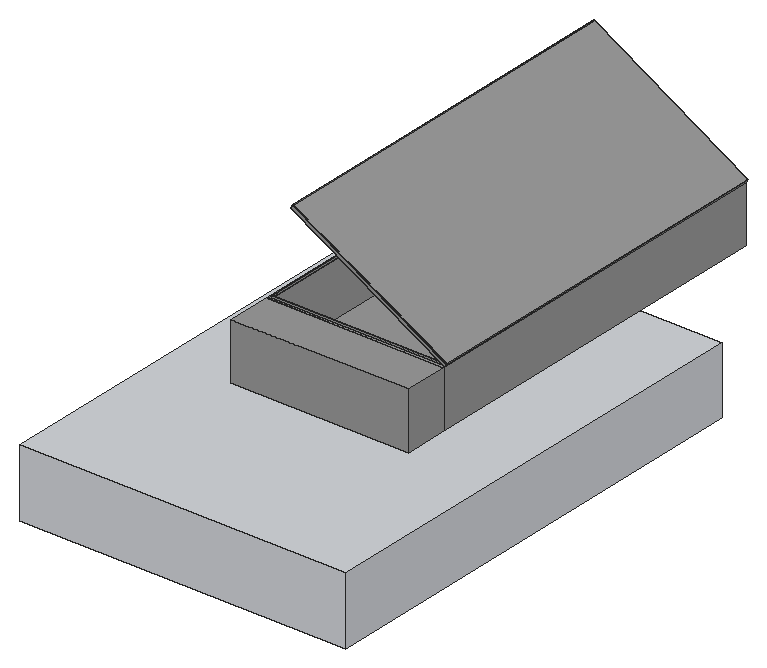
Revit family "Hager-Univers-IP55-D275-H1900-Cl.I-Steel_encl-AT-de", category Equipement électrique, Revit 2020
Family settings
  Hôte = Face
  Configuration du panneau = Deux colonnes, circuits au sein
  Cote de connecteur circulaire = Utiliser le diamètre
  Type d'élément = Tableau de raccordement
  Couper avec des vides une fois chargée = Non
  Partagée = Non
  Point de calcul de pièce = Non
Parameters (values of type "Bodenaufstellung IP55 B800 H1900 T275  - FR13E2")
  Width Control [instance] = if([EF000008 - Breite] > Min Width, [EF000008 - Breite], Min Width)  # 800 mm
  Commentaires du type = [HG000003 - Bereich]  # "Univers"
  Thickness Door [instance] = if([EF009171 - Materialstärke Tür/Deckel] > 3 mm, 3 mm, [EF009171 - Materialstärke Tür/Deckel])  # 1.5 mm
  Seal Frame Offset [instance] = 17 mm  # constant formula
  Plinth Visibility [instance] = [HG000027 - Sockelhöhe] > 0 mm  # yes
  Model = ""
  Min Width [instance] = 100 mm  # constant formula
  Min Height [instance] = 100 mm  # constant formula
  Min Depth [instance] = (2 * [EF009170 - Materialstärke Gehäuse]) + 1 mm  # 4 mm
  Internal Frame Depth [instance] = (Door System Depth * 0.5)  # 9 mm
  Height Control [instance] = if([EF000040 - Höhe] > Min Height, [EF000040 - Höhe], Min Height)  # 1900 mm
  HG000027 - Sockelhöhe = 200 mm
  HG000026 - Stehend auf dem Boden = yes
  HG000024 - Höhe des unteren Teils = 800 mm
  HG000023 - Gehäuse mit doppeltem Querschnitt = no
  HG000016 - 3D-Türsichtbarkeit [instance] = yes
  HG000015 - Sichtbarkeit der Türöffnung [instance] = no
  HG000014 - Tür rechts [instance] = yes
  HG000013 - Tür links [instance] = not([HG000014 - Tür rechts])  # no
  HG000012 - Türschwenkwinkel [instance] = 30.00°
  HG000010 - Asymmetrische Türen = no
  HG000009 - Doppelflügeligen Tür = no
  HG000006 - Unterputz = no
  HG000004 - Herstellerreferenz = "FR13E2"
  HG000003 - Bereich = "Univers"
  HG000002 - Mit tür = yes
  Frame Offset Bottom [instance] = 10 mm  # constant formula
  Frame Offset [instance] = 15 mm  # constant formula
  EF015940 - Deckel mit Überdruckentlastung = no
  EF011959 - Schutzart (NEMA) = ""
  EF009554 - Anzahl der Öffnungen für Flanschplatten = 6
  Fabricant = "Hager"  # constant formula
  EF009212 - Ausführung Deckel = "EV000116 - geschlossen"
  EF009171 - Materialstärke Tür/Deckel = 1.5 mm
  EF009170 - Materialstärke Gehäuse = 1.5 mm
  EF008873 - Nennstrom (In) = 800 A
  EF007800 - Geeignet für Blitzschutz = no
  EF006306 - Mit Schloss = no
  EF006244 - Transparenter Deckel/Tür = no
  EF005474 - Schutzart (IP) = "EV006420 - IP55"
  EF004464 - Art der Tür = "EV002646 - Einzel"
  EF004427 - Anzahl der Module = 396
  EF004293 - Schlagfestigkeit = "EV008784 - IK10"
  EF003532 - Geeignet für Außengebrauch = no
  EF002950 - Breite in Teilungseinheiten = 24
  EF001613 - Funktionserhalt = "EV000494 - ohne"
  EF001596 - Werkstoff des Gehäuses = "EV000179 - Stahl"
  EF001131 - Innentiefe = 275 mm
  EF001088 - Anbaumöglichkeit = yes
  EF000437 - Anzahl der Leitungseinführungen = 6
  EF000339 - Art der Abdeckung = "EV004216 - Tür"
  EF000266 - Anzahl der Reihen = 11
  EF000218 - Einbautiefe = 0 mm
  EF000118 - Mit Montageplatte = no
  EF000116 - RAL-Nummer = "7035"
  EF000049 - Tiefe = 275 mm
  EF000040 - Höhe = 1900 mm
  EF000008 - Breite = 800 mm
  EF000007 - Farbe = "EV000270 - grau"
  EF000003 - Montageart = "EV012274 - Bodenaufstellung"
  Door System Leaf Tolerance [instance] = 1.5 mm  # constant formula
  Door System Depth [instance] = 18 mm  # constant formula
  Door Height [instance] = Height Control - [HG000027 - Sockelhöhe]  # 1700 mm
  Depth Control [instance] = if([EF000049 - Tiefe] > Min Depth, [EF000049 - Tiefe], Min Depth)  # 275 mm
  Default Elevation = 0 mm
  Connector Offset [instance] = Height Control / 2  # 950 mm
  Bottom Top Plate Trim [instance] = 1.5 mm  # constant formula
  Plinth height Ctrl [instance] = if([HG000027 - Sockelhöhe] > 0 mm, [HG000027 - Sockelhöhe], 12 mm)  # 200 mm
Types (5, lengths in mm): name | Width Control | HG000010 - Asymmetrische Türen | HG000009 - Doppelflügeligen Tür | HG000004 - Herstellerreferenz | EF009554 - Anzahl der Öffnungen für Flanschplatten | EF004464 - Art der Tür | EF004427 - Anzahl der Module | EF000437 - Anzahl der Leitungseinführungen | EF000008 - Breite
  Bodenaufstellung IP55 B1050 H1900 T275  - FR14E2 | 1050 | yes | yes | "FR14E2" | 8 | "EV003602 - Doppel" | 528 | 8 | 1050
  Bodenaufstellung IP55 B1300 H1900 T275  - FR15E2 | 1300 | yes | yes | "FR15E2" | 10 | "EV003602 - Doppel" | 660 | 10 | 1300
  Bodenaufstellung IP55 B300 H1900 T275  - FR11E2 | 300 | no | no | "FR11E2" | 2 | "EV002646 - Einzel" | 132 | 2 | 300
  Bodenaufstellung IP55 B550 H1900 T275  - FR12E2 | 550 | no | no | "FR12E2" | 4 | "EV002646 - Einzel" | 264 | 4 | 550
  Bodenaufstellung IP55 B800 H1900 T275  - FR13E2 | 800 | no | no | "FR13E2" | 6 | "EV002646 - Einzel" | 396 | 6 | 800
Reference planes
  plane 1 "Center (Front/Back)": y = 0
  plane 2: z = 0
  plane 3 "Center (Left/Right)": x = 0
  plane 4: z = 275
  plane 5: y = 201.5
  plane 6: y = 1050
  plane 7: y = 200
  plane 8: y = 1900
  plane 9: z = 0
  plane 10: x = -385
  plane 11: x = 385
  plane 12: x = 383.5
  plane 13: x = -383.5
  plane 14: y = 1898.5
  plane 15: x = -383
  plane 16: x = -400
  plane 17: x = 383
  plane 18: x = 400
  plane 19: x = 398.5
  plane 20: x = -398.5
  plane 21: y = 211.5
  plane 22: y = 1900
  plane 23: y = 1883.5
  plane 24: z = 257
  plane 25: z = 1.5
  plane 26: z = 255.5
  plane 27: z = 273.5
Forms (mm)
  Extrusion 1, solid
    sketch origin (0, 0, 0) x (1, 0, 0) y (0, 1, 0)
      loop
        line (-702.964, 1305) -> (-702.964, -811.445) -> (766.763, -811.445) -> (766.763, 1305) -> (-702.964, 1305)
    from 0 to -304.8
  Extrusion 2, solid, material "Hager_Steel_RAL7035_Light_Grey", visible <- "Plinth Visibility", detail levels medium+fine
    sketch origin (0, 0, 0) x (1, 0, 0) y (0, 1, 0)
      loop
        line (-400, 0) -> (400, 0) -> (400, 200) -> (-400, 200) -> (-400, 0)
    from 0 to 257
  Extrusion 3, solid, material "Hager_Steel_RAL7035_Light_Grey", detail levels medium+fine
    sketch origin (0, 0, 0) x (1, 0, 0) y (0, 1, 0)
      loop
        line (-400, 200) -> (400, 200) -> (400, 1900) -> (-400, 1900) -> (-400, 200)
    from 0 to 257
  Extrusion 4, void
    sketch origin (0, 0, 0) x (1, 0, 0) y (0, 1, 0)
      loop
        line (-398.5, 201.5) -> (398.5, 201.5) -> (398.5, 1898.5) -> (-398.5, 1898.5) -> (-398.5, 201.5)
    from 1.5 to 255.5
  Extrusion 5, void
    sketch origin (-381.607, -4572, 257) x (0, -1, 0) y (-1, 0, 0)
      loop
        line (-4783.5, 1.893) -> (-6455.5, 1.893) -> (-6455.5, -765.107) -> (-4783.5, -765.107) -> (-4783.5, 1.893)
    from 0 to 1.5 <- "EF009170 - Materialstärke Gehäuse"
  Extrusion 6, solid, material "Hager_Steel_RAL7035_Light_Grey", detail levels fine
    sketch origin (0, 0, 257) x (1, 0, 0) y (0, 1, 0)
      loop
        line (-383.5, 1883.5) -> (-383.5, 211.5) -> (383.5, 211.5) -> (383.5, 1883.5) -> (-383.5, 1883.5)
      loop
        line (-385, 210) -> (385, 210) -> (385, 1885) -> (-385, 1885) -> (-385, 210)
    from 0 to 9 <- "Internal Frame Depth"
  Extrusion 7, solid, material "Hager_Steel_RAL7035_Light_Grey", detail levels coarse
    sketch origin (0, 0, 0) x (1, 0, 0) y (0, 1, 0)
      loop
        line (-400, 0) -> (400, 0) -> (400, 1900) -> (-400, 1900) -> (-400, 0)
    from 0 to 275
  Sweep 8, void
    path in 3D
      loop
        line (-400, 200, 0) -> (400, 200, 0) -> (400, 200, 257) -> (-400, 200, 257) -> (-400, 200, 0)
    profile origin (-400, 200, 128.5) x (-1, 0, 0) y (0, -1, 0)
      loop
        line (0, 0) -> (0, 1.5) -> (-1.5, 1.5)
        arc (-1.5, 1.5) -> (-1.061, 0.439) -> (0, 0) r 1.5
Cuts and joins
  Extrusion 4, Extrusion 5 cuts Extrusion 3
  Sweep 8 cuts Extrusion 2
Lines and regions (mm)
  Masking region 1
    outline origin (0, 0, 0) x (1, 0, 0) y (0, 0, 1)
      loop
        line (-400, 275) -> (-400, 0) -> (400, 0) -> (400, 275) -> (-400, 275)
  Masking region 2, detail levels medium+fine
    outline origin (0, 140, 0) x (0, 1, 0) y (0, 0, 1)
      loop
        line (60, 0) -> (1760, 0) -> (1760, 257) -> (60, 257) -> (60, 0)
  Masking region 3, not visible, detail levels medium+fine
    outline origin (0, 297.922, 0) x (0, 1, 0) y (0, 0, 1)
      loop
        line (763.578, 0) -> (803.578, 0) -> (803.578, 263.5)
        arc (803.578, 263.5) -> (800.649, 270.571) -> (793.578, 273.5) r 10
        line (793.578, 273.5) -> (763.578, 273.5) -> (763.578, 0)
  Masking region 4, detail levels coarse
    outline origin (0, 0, 180) x (0, 1, 0) y (0, 0, 1)
      loop
        line (0, -180) -> (1900, -180) -> (1900, 95) -> (0, 95) -> (0, -180)
  Masking region 5, visible <- "Plinth Visibility", detail levels medium+fine
    outline origin (0, 52.24, 12.345) x (0, 0, -1) y (0, 1, 0)
      loop
        line (10.845, 147.76) -> (-243.155, 147.76)
        arc (-243.155, 147.76) -> (-243.594, 146.699) -> (-244.655, 146.26) r 1.5
        line (-244.655, 146.26) -> (-244.655, -52.24) -> (12.345, -52.24) -> (12.345, 146.26)
        arc (12.345, 146.26) -> (11.285, 146.699) -> (10.845, 147.76) r 1.5
  Masking region 6, detail levels medium+fine
    outline origin (-381.607, -4572, 257) x (-1, 0, 0) y (0, -1, 0)
      loop
        line (18.393, -6472) -> (18.393, -4772) -> (-781.607, -4772) -> (-781.607, -6472) -> (18.393, -6472)
  Masking region 7, visible <- "Plinth Visibility", detail levels medium+fine
    outline origin (-381.607, -4727, 257) x (-1, 0, 0) y (0, -1, 0)
      loop
        arc (16.893, -4927) -> (17.332, -4925.939) -> (18.393, -4925.5) r 1.5
        line (18.393, -4925.5) -> (18.393, -4727) -> (-781.607, -4727) -> (-781.607, -4925.5)
        arc (-781.607, -4925.5) -> (-780.546, -4925.939) -> (-780.107, -4927) r 1.5
        line (-780.107, -4927) -> (16.893, -4927)
  Masking region 8, detail levels coarse
    outline origin (-442.548, -4669.526, 257) x (-1, 0, 0) y (0, -1, 0)
      loop
        line (-42.548, -6569.526) -> (-42.548, -4669.526) -> (-842.548, -4669.526) -> (-842.548, -6569.526) -> (-42.548, -6569.526)
  sketch lines
    curve 1: line (-400, 200, 257) -> (-400, 200, 0)
    curve 2: line (400, 200, 257) -> (-400, 200, 257)
    curve 3: line (400, 200, 257) -> (400, 200, 0)
    curve 4: line (-400, 200, 0) -> (400, 200, 0)
Dimensions and locks
  "Depth Control": plane 4 to Extrusion 1
  "HG000027 - Sockelhöhe": plane 1 "Center (Front/Back)" to plane 7
  "EF009170 - Materialstärke Gehäuse": plane 5 to plane 7
  locked: connector elem to plane 3 "Center (Left/Right)"
  equal spacing: plane 8, plane 6, plane 7
  locked: connector elem to plane 6
  "EF009170 - Materialstärke Gehäuse": plane 8 to plane 14
  "EF009170 - Materialstärke Gehäuse": plane 10 to plane 13
  "EF009170 - Materialstärke Gehäuse": plane 12 to plane 11
  "Frame Offset": plane 20 to plane 13
  "Frame Offset": plane 12 to plane 19
  "EF009170 - Materialstärke Gehäuse": plane 16 to plane 20
  "EF009170 - Materialstärke Gehäuse": plane 19 to plane 18
  "Seal Frame Offset": plane 16 to plane 15
  "Seal Frame Offset": plane 17 to plane 18
  "Frame Offset Bottom": plane 21 to plane 5
  "Frame Offset": plane 14 to plane 23
  equal spacing: plane 16, plane 3 "Center (Left/Right)", plane 18
  "Width Control": plane 16 to plane 18
  "EF009170 - Materialstärke Gehäuse": plane 4 to plane 27
  "EF009170 - Materialstärke Gehäuse": plane 24 to plane 26
  "EF009170 - Materialstärke Gehäuse": plane 25 to level
  "Door System Depth": plane 4 to plane 24
  "Height Control": plane 1 "Center (Front/Back)" to Extrusion 7 sketch curve
  "Height Control": Masking region 4 sketch curve to plane 1 "Center (Front/Back)"
  "Height Control": plane 1 "Center (Front/Back)" to plane 22
  "Bottom Top Plate Trim": profile plane to Sweep 8 sketch curve
  "Bottom Top Plate Trim": Sweep 8 sketch curve to profile plane
  "Plinth height Ctrl": plane 1 "Center (Front/Back)" to Extrusion 2 sketch curve
  "Plinth height Ctrl": Masking region 5 sketch curve to plane 1 "Center (Front/Back)"
  "Plinth height Ctrl": plane 1 "Center (Front/Back)" to Masking region 7 sketch curve
  "Thickness Door": Extrusion 6 sketch curve to Extrusion 6 sketch curve  (x3)
  "Thickness Door": cut or joined group of Extrusion 3, Extrusion 4, Extrusion 5 to Extrusion 6 sketch curve
  radius of Masking region 3 sketch curve = 10 mm
  "Bottom Top Plate Trim": radius of Masking region 5 sketch curve  (x2)
  "Bottom Top Plate Trim": radius of Sweep 8 sketch curve
  "Bottom Top Plate Trim": radius of Masking region 7 sketch curve  (x2)
  aligned and locked: plane 2 to Extrusion 1
  aligned and locked: level to Extrusion 1
  aligned and locked: level to Masking region 1 sketch curve
  aligned and locked: Masking region 1 sketch curve to plane 18
  aligned and locked: Masking region 1 sketch curve to plane 16
  aligned and locked: plane 7 to Masking region 2 sketch curve
  aligned and locked: level to Masking region 3 sketch curve
  aligned and locked: Masking region 3 sketch curve to plane 27
  aligned and locked: level to Masking region 2 sketch curve
  aligned and locked: plane 1 "Center (Front/Back)" to Extrusion 2 sketch curve
  aligned and locked: Extrusion 3 sketch curve to plane 7
  aligned and locked: plane 16 to Extrusion 3 sketch curve
  aligned and locked: plane 18 to Extrusion 3 sketch curve
  aligned and locked: plane 20 to Extrusion 4 sketch curve
  aligned and locked: plane 19 to Extrusion 4 sketch curve
  aligned and locked: Extrusion 4 sketch curve to plane 5
  aligned and locked: Extrusion 4 to plane 25
  aligned and locked: plane 26 to Extrusion 4
  aligned and locked: plane 24 to Extrusion 3
  aligned and locked: Extrusion 5 sketch curve to plane 21
  aligned and locked: Extrusion 5 sketch curve to plane 13
  aligned and locked: Extrusion 5 sketch curve to plane 12
  aligned and locked: plane 18 to Extrusion 7 sketch curve
  aligned and locked: plane 1 "Center (Front/Back)" to Extrusion 7 sketch curve
  aligned and locked: plane 16 to Extrusion 7 sketch curve
  aligned and locked: plane 4 to Extrusion 7
  aligned and locked: Extrusion 7 to level
  aligned and locked: level to Masking region 4 sketch curve
  aligned and locked: Masking region 4 sketch curve to plane 1 "Center (Front/Back)"
  aligned and locked: Masking region 4 sketch curve to plane 4
  aligned and locked: nested 1 to level
  aligned and locked: nested 1 to plane 16
  aligned and locked: plane 8 to Extrusion 3 sketch curve
  aligned and locked: plane 23 to Extrusion 5 sketch curve
  aligned and locked: plane 14 to Extrusion 4 sketch curve
  aligned and locked: Masking region 2 sketch curve to plane 8
  aligned and locked: level to Masking region 5 sketch curve
  aligned and locked: plane 16 to Extrusion 2 sketch curve
  aligned and locked: plane 18 to Extrusion 2 sketch curve
  aligned and locked: Masking region 5 sketch curve to plane 24
  aligned and locked: Masking region 2 sketch curve to plane 24
  aligned and locked: plane 24 to Extrusion 2
  aligned and locked: profile plane to Sweep 8 sketch curve  (x2)
  aligned and locked: Masking region 6 sketch curve to plane 18
  aligned and locked: Masking region 6 sketch curve to plane 22
  aligned and locked: Masking region 6 sketch curve to plane 16
  aligned and locked: plane 8 to plane 22
  aligned and locked: Masking region 6 sketch curve to plane 7
  aligned and locked: Masking region 7 sketch curve to plane 16
  aligned and locked: Masking region 7 sketch curve to plane 1 "Center (Front/Back)"
  aligned and locked: Masking region 7 sketch curve to plane 18
  aligned and locked: Masking region 8 sketch curve to plane 1 "Center (Front/Back)"
  aligned and locked: Masking region 8 sketch curve to plane 18
  aligned and locked: Masking region 8 sketch curve to plane 22
  aligned and locked: Masking region 8 sketch curve to plane 16
  aligned and locked: nested 2 to plane 7
  aligned and locked: plane 3 "Center (Left/Right)" to nested 2
  aligned and locked: nested 2 to plane 24
  aligned and locked: Extrusion 6 sketch curve to cut or joined group of Extrusion 3, Extrusion 4, Extrusion 5  (x4)
Automatic sketch dimensions
  Extrusion 1 sketch curve to Extrusion 1 sketch curve = 1469.727 mm
  Extrusion 1 sketch curve to Extrusion 1 sketch curve = 2116.445 mm
  Masking region 1 sketch curve to plane 4 = 0 mm
  plane 6 to Masking region 3 sketch curve = 11.5 mm
  Masking region 3 sketch curve to Masking region 3 sketch curve = 30 mm
  Masking region 5 sketch curve to plane 1 "Center (Front/Back)" = 0 mm
Nested families
  nested 1: "Hager_Enclosure_Symbol" at (-400, 0, 0) x (1, 0, 0) z (0, -1, 0), Height <- "Depth Control", Width <- "Width Control", type "Hager_Enclosure_Symbol"
    with Width_Ctrl 800 mm, Width 800 mm, Height_Ctrl 275 mm, Height 275 mm, A_Width_Int 18.047 mm, A_Width 216.562 mm, A_Height_Ctrl 240.625 mm, A_Height 240.625 mm
  nested 2: "EC000058_Univers_Door" at (0, 200, 257) x (1, 0, 0) z (0, 1, 0), Leaf_Tolerance <- "Door System Leaf Tolerance", Angle <- "HG000012 - Türschwenkwinkel", Door_Depth <- "Door System Depth", Door_Left <- "HG000013 - Tür links", Transparent <- "EF006244 - Transparenter Deckel/Tür", Assymetrical <- "HG000010 - Asymmetrische Türen", Width <- "Width Control", Clearance <- "HG000015 - Sichtbarkeit der Türöffnung", Double <- "HG000009 - Doppelflügeligen Tür", 3d_Door <- "HG000016 - 3D-Türsichtbarkeit", Lock_Visibility <- "EF006306 - Mit Schloss", Width_Ctrl <- "Width Control", Door_Right <- "HG000014 - Tür rechts", Door <- "HG000002 - Mit tür", Height <- "Door Height", Thickness <- "Thickness Door", type "EC000058_Univers_Door", detail levels medium+fine
    with min_wh 4 mm, Width_Ctrl 800 mm, Width 800 mm, Transparent no, Thickness 1.5 mm, Seal_Material Hager_Rubber, Lock_Visibility no, Lock_Material Hager_Plastic_RAL9005_Jet_Black, Leaf_Width 800 mm, Leaf_Tolerance_External_Sides 0 mm, Leaf_Tolerance 1.5 mm, Leaf_Offset 0 mm, Leaf_Height 1697 mm, Leaf_2_Width 800 mm, Leaf_2_Offset 400 mm, Leaf_1_Width 800 mm, Leaf_1_Offset 400 mm, Height_Ctrl 1700 mm, Height 1700 mm, Glass_Material Hager_Glass, Double_Clearance_Ctrl no, Double no, Door_Right_Ctrl yes, Door_Right yes, Door_Material Hager_Steel_RAL7035_Light_Grey, Door_Left_Ctrl no, Door_Left no, Door_Depth 18 mm, Door yes, Clearance_Material Hager_Clearance, Clearance_Depth 800 mm, Clearance_Ctrl no, Clearance no, Assymetrical no, Angle 30.00°, 3d_Door yes
Connectors
  electrical at (0, 1050, 0)
    settings: on plane 9, index 1, voltage 0 V, apparent load 0 VA, apparent load phase1 0 VA, apparent load phase2 0 VA, apparent load phase3 0 VA, power factor 1, load classification "Other", number of poles 1, system type 30, power factor state 1, is connector primary yes, connector utility no, sub classification motor no, connector description ""
Definition of nested family "EC000058_Univers_Door"
  Parameters (values of type "EC000058_Univers_Door")
    min_wh [instance] = (2 * Thickness) + 1 mm  # 11 mm
    Width_Ctrl [instance] = 400 mm
    Width [instance] = 500 mm
    Transparent [instance] = yes
    Thickness [instance] = 5 mm
    Seal_Material [instance] = none
    Lock_Visibility [instance] = yes
    Lock_Material [instance] = none
    Leaf_Width [instance] = if((Width_Ctrl - 2 * Leaf_Tolerance_External_Sides) > 0 mm, (Width_Ctrl - 2 * Leaf_Tolerance_External_Sides), min_wh)  # 400 mm
    Leaf_Tolerance_External_Sides [instance] = 0 mm  # constant formula
    Leaf_Tolerance [instance] = 1.5 mm
    Leaf_Offset [instance] = 0 mm  # constant formula
    Leaf_Height [instance] = if((Height_Ctrl - 2 * Leaf_Tolerance) > 0 mm, (Height_Ctrl - 2 * Leaf_Tolerance), min_wh)  # 497 mm
    Leaf_2_Width [instance] = if(and(and(Double, Assymetrical), Door_Left), (Leaf_Width / 3) - (Leaf_Tolerance / 2), if(and(and(Double, Assymetrical), Door_Right), (Leaf_Width / 3) * 2 - (Leaf_Tolerance / 2), if(and(Double, not(Assymetrical)), (Leaf_Width / 2) - Leaf_Tolerance, Leaf_Width)))  # 400 mm
    Leaf_2_Offset [instance] = if(and(Double, Assymetrical), Leaf_2_Width / 2, if(and(Double, not(Assymetrical)), Leaf_Width / 4, Leaf_Width / 2))  # 200 mm
    Leaf_1_Width [instance] = if(and(and(Double, Assymetrical), Door_Right), (Leaf_Width / 3) - (Leaf_Tolerance / 2), if(and(and(Double, Assymetrical), Door_Left), (Width / 3) * 2 - (Leaf_Tolerance / 2), if(and(Double, not(Assymetrical)), (Leaf_Width / 2) - Leaf_Tolerance, Leaf_Width)))  # 400 mm
    Leaf_1_Offset [instance] = if(and(Double, Assymetrical), Leaf_1_Width / 2, if(and(Double, not(Assymetrical)), Leaf_Width / 4, Leaf_Width / 2))  # 200 mm
    Height_Ctrl [instance] = if(Height > min_wh, Height, min_wh)  # 500 mm
    Height [instance] = 500 mm
    Glass_Material [instance] = none
    Double_Clearance_Ctrl [instance] = and(Double, Clearance)  # no
    Double [instance] = no
    Door_Right_Ctrl [instance] = and(or(Door_Right, Double), Door)  # yes
    Door_Right [instance] = yes
    Door_Material [instance] = none
    Door_Left_Ctrl [instance] = and(or(Door_Left, Double), Door)  # no
    Door_Left [instance] = no
    Door_Depth [instance] = 30 mm
    Door [instance] = yes
    Default Elevation = 1219.2 mm
    Clearance_Material [instance] = none
    Clearance_Depth [instance] = if(Leaf_1_Width > Leaf_2_Width, Leaf_1_Width, Leaf_2_Width)  # 400 mm
    Clearance_Ctrl [instance] = and(not(Double), Clearance)  # yes
    Clearance [instance] = yes
    Assymetrical [instance] = yes
    Angle [instance] = 30.00°
    3d_Door [instance] = yes
  Reference planes
    plane 1 "Center (Front/Back)": y = 0
    plane 2 "Bottom": z = 0
    plane 3 "Center (Left/Right)": x = 0
    plane 4: z = 500
    plane 5: x = -200
    plane 6: x = 200
    plane 7: z = 500
    plane 8: x = -200
    plane 9: z = 0
    plane 10: x = 200
    plane 11: y = 0
    plane 12: z = 1.5
    plane 13: x = -600
    plane 14: y = -400
    plane 15: x = 600
    plane 16: x = 0
    plane 17: x = 0
    plane 18: x = -200
    plane 19: x = 200
    plane 20: z = 498.5
  Forms (mm)
    Extrusion 1, solid, material <- "Clearance_Material", visible <- "Double_Clearance_Ctrl"
      sketch origin (1200, 0, 0) x (1, 0, 0) y (0, 0, -1)
        loop
          line (-1800, -498.5) -> (-600, -498.5) -> (-600, 0) -> (-1800, 0) -> (-1800, -498.5)
      from 0 to -400
  Dimensions and locks
    equal spacing: plane 5, plane 3 "Center (Left/Right)", plane 6
    "Width_Ctrl": plane 5 to plane 6
    "Leaf_Offset": plane 5 to plane 8
    "Leaf_Offset": plane 6 to plane 10
    "Leaf_Offset": plane 9 to level
    "Leaf_Offset": plane 4 to plane 7
    "Height_Ctrl": plane 4 to level
    "Leaf_Tolerance": plane 12 to plane 9
    locked: plane 11 to plane 1 "Center (Front/Back)"
    "Leaf_1_Offset": plane 18 to plane 16
    "Leaf_2_Offset": plane 17 to plane 19
    "Leaf_1_Width": plane 13 to plane 8
    "Leaf_2_Width": plane 10 to plane 15
    "Clearance_Depth": plane 14 to plane 1 "Center (Front/Back)"
    "Leaf_Tolerance_External_Sides": plane 8 to plane 18
    "Leaf_Tolerance_External_Sides": plane 19 to plane 10
    "Leaf_Tolerance": plane 7 to plane 20
    aligned and locked: level to plane 2 "Bottom"
    aligned and locked: nested 1 to plane 16
    aligned and locked: nested 2 to plane 17
    aligned and locked: Extrusion 1 to plane 13
    aligned and locked: plane 15 to Extrusion 1
    aligned and locked: Extrusion 1 to plane 14
    aligned and locked: plane 12 to nested 1
    aligned and locked: nested 2 to plane 12
    aligned and locked: Extrusion 1 to plane 11
    aligned and locked: plane 20 to Extrusion 1
    aligned and locked: nested 2 to plane 11
    aligned and locked: nested 1 to plane 11
  Automatic sketch dimensions
    Extrusion 1 sketch curve to level = 0 mm
    plane 5 to Extrusion 1 sketch curve = 400 mm
    plane 6 to Extrusion 1 sketch curve = 400 mm
    Extrusion 1 sketch curve to plane 4 = 1.5 mm
  Nested families
    nested 1: "EC000058_Univers_Door_Leaf" at (0, 0, 1.5), Width <- "Leaf_1_Width", visible <- "Door_Left_Ctrl", Leaf_Height <- "Leaf_Height", Angle <- "Angle", 3d_Door <- "3d_Door", Transparent <- "Transparent", Clearance Material <- "Clearance_Material", Clearance <- "Clearance_Ctrl", Door_Material <- "Door_Material", Glass_Material <- "Glass_Material", Door_Depth <- "Door_Depth", Lock_Material <- "Lock_Material", Seal_Material <- "Seal_Material", Lock_Visibility <- "Lock_Visibility", Thickness <- "Thickness", type "EC000058_Univers_Door_Leaf"
      with Width 400 mm, Transparent_Glass_Offset 30 mm, Transparent_Ctrl yes, Transparent yes, Thickness 5 mm, Standard no, Seal_Material none, Seal_D2 8 mm, Seal_D1 1 mm, Offset_Internal_Frame 10 mm, Lock_Width 20 mm, Lock_Visibility_3d yes, Lock_Visibility yes, Lock_Thickness_3 3 mm, Lock_Thickness_2 1 mm, Lock_Thickness_1 3 mm, Lock_Radius_Offset_2 16 mm, Lock_Radius_Offset_1 15 mm, Lock_Radius_2 5 mm, Lock_Radius 6 mm, Lock_Offset 5 mm, Lock_Material none, Lock_Height 80 mm, Lock_Cover_Top_Offset_2d 17 mm, Lock_Cover_Height -65 mm, Leaf_Height 497 mm, Internal_Seal_Thickness 8 mm, Internal_Seal_Depth_2 4.5 mm, Internal_Frame_Depth 25 mm, Glass_Thickness -1 mm, Glass_Offset -2 mm, Glass_Material none, Door_Material none, Door_Depth 30 mm, Clearance Material none, Clearance yes, Angle_Ctrl 30.00°, Angle 30.00°, 3d_Door yes
    nested 2: "EC000058_Univers_Door_Leaf" at (0, 0, 1.5) x (-1, 0, 0) z (0, 0, 1), Width <- "Leaf_2_Width", visible <- "Door_Right_Ctrl", Leaf_Height <- "Leaf_Height", Angle <- "Angle", 3d_Door <- "3d_Door", Transparent <- "Transparent", Clearance Material <- "Clearance_Material", Clearance <- "Clearance_Ctrl", Door_Material <- "Door_Material", Glass_Material <- "Glass_Material", Door_Depth <- "Door_Depth", Lock_Material <- "Lock_Material", Seal_Material <- "Seal_Material", Lock_Visibility <- "Lock_Visibility", Thickness <- "Thickness", type "EC000058_Univers_Door_Leaf"
      with Width 400 mm, Transparent_Glass_Offset 30 mm, Transparent_Ctrl yes, Transparent yes, Thickness 5 mm, Standard no, Seal_Material none, Seal_D2 8 mm, Seal_D1 1 mm, Offset_Internal_Frame 10 mm, Lock_Width 20 mm, Lock_Visibility_3d yes, Lock_Visibility yes, Lock_Thickness_3 3 mm, Lock_Thickness_2 1 mm, Lock_Thickness_1 3 mm, Lock_Radius_Offset_2 16 mm, Lock_Radius_Offset_1 15 mm, Lock_Radius_2 5 mm, Lock_Radius 6 mm, Lock_Offset 5 mm, Lock_Material none, Lock_Height 80 mm, Lock_Cover_Top_Offset_2d 17 mm, Lock_Cover_Height -65 mm, Leaf_Height 497 mm, Internal_Seal_Thickness 8 mm, Internal_Seal_Depth_2 4.5 mm, Internal_Frame_Depth 25 mm, Glass_Thickness -1 mm, Glass_Offset -2 mm, Glass_Material none, Door_Material none, Door_Depth 30 mm, Clearance Material none, Clearance yes, Angle_Ctrl 30.00°, Angle 30.00°, 3d_Door yes
  Definition of nested family "EC000058_Univers_Door_Leaf"
    Parameters (values of type "EC000058_Univers_Door_Leaf")
      Width [instance] = 2000 mm
      Transparent_Glass_Offset [instance] = 30 mm
      Transparent_Ctrl [instance] = and(Transparent, [3d_Door])  # yes
      Transparent [instance] = yes
      Thickness [instance] = 5 mm
      Standard [instance] = and(not(Transparent), [3d_Door])  # no
      Seal_Material [instance] = none
      Seal_D2 [instance] = 8 mm  # constant formula
      Seal_D1 [instance] = 1 mm  # constant formula
      Offset_Internal_Frame [instance] = 10 mm  # constant formula
      Lock_Width [instance] = 20 mm  # constant formula
      Lock_Visibility_3d [instance] = and(Lock_Visibility, [3d_Door])  # yes
      Lock_Visibility [instance] = yes
      Lock_Thickness_3 [instance] = 3 mm  # constant formula
      Lock_Thickness_2 [instance] = 1 mm  # constant formula
      Lock_Thickness_1 [instance] = 3 mm  # constant formula
      Lock_Radius_Offset_2 [instance] = Lock_Radius_Offset_1 + 1 mm  # 16 mm
      Lock_Radius_Offset_1 [instance] = 15 mm  # constant formula
      Lock_Radius_2 [instance] = Lock_Radius - 1 mm  # 5 mm
      Lock_Radius [instance] = 6 mm  # constant formula
      Lock_Offset [instance] = 5 mm  # constant formula
      Lock_Material [instance] = none
      Lock_Height [instance] = 80 mm  # constant formula
      Lock_Cover_Top_Offset_2d [instance] = Lock_Radius_Offset_2 + 1 mm  # 17 mm
      Lock_Cover_Height [instance] = -(Lock_Height - Lock_Radius_Offset_1)  # -65 mm
      Leaf_Height [instance] = 2720.336 mm
      Internal_Seal_Thickness [instance] = 8 mm  # constant formula
      Internal_Seal_Depth_2 [instance] = 4.5 mm  # constant formula
      Internal_Frame_Depth [instance] = if(Door_Depth - Thickness > 5 mm, Door_Depth - Thickness, 5 mm)  # 25 mm
      Glass_Thickness [instance] = if(Thickness > 15 mm, Glass_Offset + 10 mm, -1 mm)  # -1 mm
      Glass_Offset [instance] = if(Thickness > 15 mm, -(Thickness + 10 mm) / 2, -2 mm)  # -2 mm
      Glass_Material [instance] = none
      Door_Material [instance] = none
      Door_Depth [instance] = 30 mm
      Default Elevation = 0 mm
      Clearance Material [instance] = none
      Clearance [instance] = yes
      Angle_Ctrl [instance] = if(Angle > 180.00°, 180.00°, Angle)  # 90.00°
      Angle [instance] = 90.00°
      3d_Door [instance] = yes
    Reference planes
      plane 1 "Center (Front/Back)": y = 0
      plane 2: z = 0
      plane 3 "Center (Left/Right)": x = 0
      plane 4: y = 2000
      plane 5: x = -1000
      plane 6: x = 1000
      plane 7: x = -3000
      plane 8: z = 2720.336
      plane 9: z = 30
      plane 10: z = 2690.336
      plane 11: x = 970
      plane 12: x = -970
      plane 13: y = -3
      plane 14: z = 107.833
      plane 15: y = -5
      plane 16: y = -223.314
      plane 17: x = -1000
      plane 18: z = 1360.168
      plane 19: y = 30
    Forms (mm)
      Extrusion 1, solid, material <- "Clearance Material", visible <- "Clearance"
        sketch origin (0, 0, 0) x (1, 0, 0) y (0, 0, 1)
          loop
            line (-3000, 2720.336) -> (-3000, 0) -> (1000, 0) -> (1000, 2720.336) -> (-3000, 2720.336)
        from 0 to -2000
      Extrusion 2, solid, material <- "Door_Material", visible <- "Standard", detail levels medium+fine
        sketch origin (-1000, 0, 0) x (0, 1, 0) y (-1, 0, 0)
          loop
            line (0, 30) -> (0, 25) -> (2000, 25) -> (2000, 30) -> (0, 30)
        from 0 to 2720.336 <- "Leaf_Height"
      Extrusion 3, solid, material <- "Door_Material", visible <- "Transparent_Ctrl", detail levels medium+fine
        sketch origin (-1000, 0, 0) x (0, 1, 0) y (-1, 0, 0)
          loop
            line (0, 25) -> (2000, 25) -> (2000, 30) -> (0, 30) -> (0, 25)
        from 0 to 2720.336 <- "Leaf_Height"
      Extrusion 4, void
        sketch origin (-1025, 2000, 0) x (0, 1, 0) y (0, 0, -1)
          loop
            line (-30, -2690.336) -> (-30, -30) -> (-1970, -30) -> (-1970, -2690.336) -> (-30, -2690.336)
        from 0 to 5 <- "Thickness"
      Sweep 5, solid, material <- "Seal_Material", visible <- "Transparent_Ctrl", detail levels fine
        path in 3D
          loop
            line (-1025, 30, 30) -> (-1025, 30, 2690.336) -> (-1025, 1970, 2690.336) -> (-1025, 1970, 30) -> (-1025, 30, 30)
        profile origin (-1025, 1000, 30) x (1, 0, 0) y (0, 0, 1)
          loop
            line (0, 0) -> (0, -8) -> (1, -8) -> (1, 0) -> (0, 0)
      Extrusion 6, solid, material <- "Glass_Material", visible <- "Transparent_Ctrl", detail levels medium+fine
        sketch origin (-1030, 0, 0) x (0, 1, 0) y (0, 0, -1)
          loop
            line (1970, -2690.336) -> (1970, -30) -> (30, -30) -> (30, -2690.336) -> (1970, -2690.336)
        from -2 <- "Glass_Offset" to -1 <- "Glass_Thickness"
      Extrusion 7, solid, material <- "Door_Material", visible <- "3d_Door", detail levels medium+fine
        sketch origin (-1025, 2000, 0) x (0, -1, 0) y (0, 0, -1)
          loop
            line (0, -2720.336) -> (2000, -2720.336) -> (2000, 0) -> (0, 0) -> (0, -2720.336)
          loop
            line (1995, -5) -> (5, -5) -> (5, -2715.336) -> (1995, -2715.336) -> (1995, -5)
        from 0 to 25 <- "Internal_Frame_Depth"
      Sweep 8, solid, material <- "Seal_Material", visible <- "Transparent_Ctrl", detail levels fine
        path in 3D
          loop
            line (-1025, 0, 0) -> (-1025, 2000, 0) -> (-1025, 2000, 2720.336) -> (-1025, 0, 2720.336) -> (-1025, 0, 0)
        profile origin (-1025, 0, 1360.168) x (1, 0, 0) y (0, 1, 0)
          loop
            line (0, 10) -> (2.975, 10)
            arc (2.975, 10) -> (4.053, 10.447) -> (4.5, 11.525) r 1.525
            line (4.5, 11.525) -> (4.5, 16.527)
            arc (4.5, 16.527) -> (4.069, 17.569) -> (3.027, 18) r 1.473
            line (3.027, 18) -> (0, 18) -> (0, 10)
      Extrusion 9, solid, material <- "Lock_Material", visible <- "Lock_Visibility_3d", detail levels fine
        sketch origin (-1030, 0, 0) x (0, 1, 0) y (0, 0, -1)
          loop
            arc (1993.5, -1400.168) -> (1994.561, -1399.729) -> (1995, -1398.668) r 1.5
            line (1995, -1398.668) -> (1995, -1320.168) -> (1975, -1320.168) -> (1975, -1398.668)
            arc (1975, -1398.668) -> (1975.439, -1399.729) -> (1976.5, -1400.168) r 1.5
            line (1976.5, -1400.168) -> (1993.5, -1400.168)
        from 3 <- "Lock_Thickness_1" to 0
      Blend 10, solid, material <- "Lock_Material", visible <- "Lock_Visibility_3d", detail levels fine
        base sketch origin (-1033, 0, 0) x (0, 1, 0) y (0, 0, -1)
          loop
            line (1975, -1320.168) -> (1975, -1398.668)
            arc (1975, -1398.668) -> (1975.439, -1399.729) -> (1976.5, -1400.168) r 1.5
            line (1976.5, -1400.168) -> (1993.5, -1400.168)
            arc (1993.5, -1400.168) -> (1994.561, -1399.729) -> (1995, -1398.668) r 1.5
            line (1995, -1398.668) -> (1995, -1320.168) -> (1975, -1320.168)
        top sketch origin (-1033, 0, 0) x (0, 1, 0) y (0, 0, -1)
          loop
            line (1976, -1320.168) -> (1976, -1398.668)
            arc (1976, -1398.668) -> (1976.146, -1399.022) -> (1976.5, -1399.168) r 0.5
            line (1976.5, -1399.168) -> (1993.5, -1399.168)
            arc (1993.5, -1399.168) -> (1993.854, -1399.022) -> (1994, -1398.668) r 0.5
            line (1994, -1398.668) -> (1994, -1320.168) -> (1976, -1320.168)
        from 0 to 1 <- "Lock_Thickness_2"
      Blend 11, solid, material <- "Lock_Material", visible <- "Lock_Visibility_3d", detail levels fine
        base sketch origin (-1034, 0, 0) x (0, 1, 0) y (0, 0, -1)
          loop
            line (1978, -1320.168) -> (1978, -1384.168)
            arc (1978, -1384.168) -> (1985, -1391.168) -> (1992, -1384.168) r 7
            line (1992, -1384.168) -> (1992, -1320.168) -> (1978, -1320.168)
        top sketch origin (-1034, 0, 0) x (0, 1, 0) y (0, 0, -1)
          loop
            line (1991, -1320.168) -> (1979, -1320.168) -> (1979, -1383.168)
            arc (1979, -1383.168) -> (1985, -1389.168) -> (1991, -1383.168) r 6
            line (1991, -1383.168) -> (1991, -1320.168)
        from 0 to 3 <- "Lock_Thickness_3"
      Extrusion 12, solid, material <- "Lock_Material", visible <- "Lock_Visibility_3d", detail levels fine
        sketch origin (-1030, 1975, 1320.168) x (1, 0, 0) y (0, -1, 0)
          loop
            line (-7, -19) -> (-7, -1) -> (0, -1) -> (0, 0) -> (-8, 0) -> (-8, -20) -> (0, -20) -> (0, -19) -> (-7, -19)
        from 0 to -65 <- "Lock_Cover_Height"
      Extrusion 13, void
        sketch origin (-1038, 1995, 1320.168) x (-1, 0, 0) y (0, 0, -1)
          loop
            line (-5, -65) -> (0, -65) -> (-5, -60) -> (-5, -65)
        from 0 to 20 <- "Lock_Width"
      Extrusion 14, void
        sketch origin (-1038, 1975, 1320.168) x (0, -1, 0) y (0, 0, -1)
          loop
            circle (-10, -15.995) r 6
          loop
            circle (-10, -15.995) r 5
        from 0 to 2
      Extrusion 15, solid, material <- "Lock_Material", visible <- "Lock_Visibility_3d", detail levels medium
        sketch origin (-1030, 0, 0) x (0, 1, 0) y (0, 0, -1)
          loop
            arc (1993.5, -1400.168) -> (1994.561, -1399.729) -> (1995, -1398.668) r 1.5
            line (1995, -1398.668) -> (1995, -1320.168) -> (1975, -1320.168) -> (1975, -1398.668)
            arc (1975, -1398.668) -> (1975.439, -1399.729) -> (1976.5, -1400.168) r 1.5
            line (1976.5, -1400.168) -> (1993.5, -1400.168)
        from 8 to 0
    Cuts and joins
      Extrusion 4 cuts Extrusion 3
      Extrusion 13, Extrusion 14 cuts Extrusion 9
      Extrusion 14 cuts Blend 11
      Extrusion 13, Extrusion 14 cuts Extrusion 12
      joined: Extrusion 9, Blend 10, Blend 11, Extrusion 12
      Extrusion 14 cuts Extrusion 15
    Lines and regions (mm)
      Masking region 1, visible <- "Lock_Visibility", detail levels fine
        outline origin (0, 0, 0) x (0, 1, 0) y (0, 0, 1)
          loop
            line (30, 1320.168) -> (33, 1320.168) -> (33, 1400.168) -> (30, 1400.168) -> (30, 1320.168)
      Masking region 2, visible <- "Lock_Visibility", detail levels fine
        outline origin (0, 3.143, 0) x (0, 1, 0) y (0, 0, 1)
          loop
            line (29.857, 1354.168) -> (30.857, 1354.168) -> (30.857, 1366.168) -> (29.857, 1366.168) -> (29.857, 1354.168)
      Masking region 3, detail levels medium+fine
        outline origin (0, 0, 0) x (0, 1, 0) y (0, 0, 1)
          loop
            line (0, 0) -> (30, 0) -> (30, 2720.336) -> (0, 2720.336) -> (0, 0)
      Masking region 4, detail levels medium+fine
        outline origin (0, 0, 0) x (1, 0, 0) y (0, 0, 1)
          loop
            line (-1000, 2720.336) -> (-1000, 0) -> (1000, 0) -> (1000, 2720.336) -> (-1000, 2720.336)
      Masking region 5, visible <- "Lock_Visibility", detail levels fine
        outline origin (-47.116, 0, 0) x (1, 0, 0) y (0, 0, 1)
          loop
            arc (1024.616, 1399.168) -> (1023.556, 1398.729) -> (1023.116, 1397.668) r 1.5
            line (1023.116, 1397.668) -> (1023.116, 1320.168) -> (1041.116, 1320.168) -> (1041.116, 1397.668)
            arc (1041.116, 1397.668) -> (1040.677, 1398.729) -> (1039.616, 1399.168) r 1.5
            line (1039.616, 1399.168) -> (1024.616, 1399.168)
      Masking region 6, visible <- "Lock_Visibility", detail levels medium+fine
        outline origin (-25, 0, 0) x (1, 0, 0) y (0, 0, 1)
          loop
            arc (1001.5, 1400.168) -> (1000.439, 1399.729) -> (1000, 1398.668) r 1.5
            line (1000, 1398.668) -> (1000, 1320.168) -> (1020, 1320.168) -> (1020, 1398.668)
            arc (1020, 1398.668) -> (1019.561, 1399.729) -> (1018.5, 1400.168) r 1.5
            line (1018.5, 1400.168) -> (1001.5, 1400.168)
      Masking region 7, visible <- "Lock_Visibility", detail levels fine
        outline origin (-73.735, 0, 0) x (1, 0, 0) y (0, 0, 1)
          loop
            line (1051.735, 1382.168) -> (1065.735, 1382.168) -> (1065.735, 1384.168)
            arc (1065.735, 1384.168) -> (1058.735, 1391.168) -> (1051.735, 1384.168) r 7
            line (1051.735, 1384.168) -> (1051.735, 1382.168)
      Masking region 8, visible <- "Lock_Visibility", detail levels fine
        outline origin (-73.735, 0, 0) x (1, 0, 0) y (0, 0, 1)
          loop
            line (1052.735, 1382.168) -> (1064.735, 1382.168) -> (1064.735, 1383.168)
            arc (1064.735, 1383.168) -> (1058.735, 1389.168) -> (1052.735, 1383.168) r 6
            line (1052.735, 1383.168) -> (1052.735, 1382.168)
      Masking region 9, visible <- "Lock_Visibility", detail levels fine
        outline origin (-25, 0, 0) x (1, 0, 0) y (0, 0, 1)
          loop
            line (1020, 1320.168) -> (1020, 1382.168) -> (1000, 1382.168) -> (1000, 1320.168) -> (1020, 1320.168)
      Masking region 10, detail levels medium+fine
        outline origin (0, 0, 0) x (1, 0, 0) y (0, 0, 1)
          loop
            circle (985, 1335.144) r 6
      Masking region 11, detail levels fine
        outline origin (0, 0, 0) x (1, 0, 0) y (0, 0, 1)
          loop
            circle (985, 1335.144) r 5
      Masking region 12, visible <- "Lock_Visibility", detail levels fine
        outline origin (0, 12.767, 0) x (0, 1, 0) y (0, 0, 1)
          loop
            line (20.233, 1320.168) -> (21.233, 1320.168) -> (21.233, 1399.168) -> (20.233, 1400.168) -> (20.233, 1320.168)
      Masking region 13, visible <- "Lock_Visibility", detail levels fine
        outline origin (0, 13.767, -10) x (0, 1, 0) y (0, 0, 1)
          loop
            line (20.233, 1330.168) -> (23.233, 1330.168) -> (23.233, 1399.168) -> (20.233, 1402.168) -> (20.233, 1330.168)
      Masking region 14, visible <- "Lock_Visibility", detail levels fine
        outline origin (0, 12.767, -10) x (0, 1, 0) y (0, 0, 1)
          loop
            line (20.233, 1330.168) -> (25.233, 1330.168) -> (25.233, 1399.305) -> (20.233, 1394.305) -> (20.233, 1330.168)
      Masking region 15, visible <- "Lock_Visibility", detail levels medium
        outline origin (0, 0, 0) x (0, 1, 0) y (0, 0, 1)
          loop
            line (30, 1320.168) -> (38, 1320.168) -> (38, 1400.168) -> (30, 1400.168) -> (30, 1320.168)
      Masking region 16, visible <- "Lock_Visibility", detail levels fine
        outline origin (-1000, 0, 0) x (0, 1, 0) y (-1, 0, 0)
          loop
            line (1975, 30) -> (1995, 30) -> (1995, 38) -> (1975, 38) -> (1975, 30)
          loop
            line (1979, 37) -> (1976, 37) -> (1976, 34) -> (1978, 34) -> (1979, 37)
          loop
            line (1994, 37) -> (1991, 37) -> (1992, 34) -> (1994, 34) -> (1994, 37)
      Masking region 17, visible <- "Lock_Visibility", detail levels medium
        outline origin (-1000, 0, 0) x (0, 1, 0) y (-1, 0, 0)
          loop
            line (1975, 30) -> (1995, 30) -> (1995, 38) -> (1975, 38) -> (1975, 30)
      symbolic lines
        curve 1: line (1000, 0, 0) -> (-3000, 0, 0)
        curve 2: arc (1000, 0, 0) -> (-1000, 2000, 0) -> (-3000, 0, 0) r 2000
        curve 4: line (-1030, 0, 0) -> (-1030, 2000, 0)
      reference lines
        curve 3: line (-1000, 0, 0) -> (-1000, 2000, 0)
      symbolic lines, detail levels medium+fine
        curve 5: line (-1030, 2000, 0) -> (-1025, 2000, 0)
        curve 7: line (-1025, 0, 0) -> (-1030, 0, 0)
        curve 8: line (-1025, 0, 0) -> (-1000, 0, 0)
        curve 9: line (-1000, 0, 0) -> (-1000, 2000, 0)
        curve 10: line (-1000, 2000, 0) -> (-1025, 2000, 0)
      symbolic lines, detail levels fine
        curve 6: line (-1025, 2000, 0) -> (-1025, 0, 0)
      sketch lines
        curve 11: line (-1025, 0, 2720.336) -> (-1025, 0, 0)
        curve 12: line (-1025, 2000, 0) -> (-1025, 0, 0)
        curve 13: line (-1025, 2000, 2720.336) -> (-1025, 2000, 0)
        curve 14: line (-1025, 0, 2720.336) -> (-1025, 2000, 2720.336)
        curve 15: line (-1025, 1970, 30) -> (-1025, 30, 30)
        curve 16: line (-1025, 30, 30) -> (-1025, 30, 2690.336)
        curve 17: line (-1025, 1970, 2690.336) -> (-1025, 1970, 30)
        curve 18: line (-1025, 30, 2690.336) -> (-1025, 1970, 2690.336)
      symbolic lines, visible <- "Transparent", detail levels medium+fine
        curve 19: line (-970, 0, 2690.336) -> (970, 0, 2690.336)
        curve 20: line (-970, 0, 30) -> (-970, 0, 2690.336)
        curve 21: line (970, 0, 30) -> (-970, 0, 30)
        curve 22: line (970, 0, 2690.336) -> (970, 0, 30)
    Dimensions and locks
      "Width": plane 1 "Center (Front/Back)" to plane 4
      equal spacing: plane 5, plane 3 "Center (Left/Right)", plane 6
      "Width": plane 5 to plane 6
      "Width": plane 7 to plane 5
      "Leaf_Height": plane 8 to level
      "Width": curve 5 to curve 3
      "Width": curve 3 to curve 3
      plane 8 to plane 10 = 30 mm
      plane 9 to level = 30 mm
      plane 12 to plane 5 = 30 mm
      plane 6 to plane 11 = 30 mm
      Extrusion 1 to Extrusion 4 sketch curve = 30 mm
      "Transparent_Glass_Offset": curve 3 to Extrusion 4 sketch curve
      "Transparent_Glass_Offset": Extrusion 4 sketch curve to cut or joined group of Extrusion 3, Extrusion 4  (x2)
      cut or joined group of Extrusion 3, Extrusion 4 to Extrusion 6 sketch curve = 30 mm
      "Transparent_Glass_Offset": cut or joined group of Extrusion 3, Extrusion 4 to Extrusion 4 sketch curve
      "Thickness": curve 6 to curve 4
      "Thickness": Extrusion 7 sketch curve to Extrusion 7 sketch curve  (x4)
      "Door_Depth": curve 4 to curve 3
      "Offset_Internal_Frame": profile plane to Sweep 8 sketch curve
      "Internal_Seal_Thickness": Sweep 8 sketch curve to Sweep 8 sketch curve
      "Internal_Seal_Depth_2": profile plane to Sweep 8 sketch curve
      "Seal_D1": profile plane to Sweep 5 sketch curve
      "Seal_D2": profile plane to Sweep 5 sketch curve
      "Thickness": Extrusion 2 sketch curve to Extrusion 2 sketch curve
      equal spacing: Extrusion 9 sketch curve, plane 18, Extrusion 9 sketch curve  (x2)
      equal spacing: Masking region 1 sketch curve, plane 18, Masking region 1 sketch curve
      "Lock_Height": Masking region 1 sketch curve to Masking region 1 sketch curve
      "Lock_Radius": Masking region 2 sketch curve to plane 18 to Masking region 2 sketch curve
      Masking region 2 sketch curve to Masking region 1 = 1 mm
      "Door_Depth": plane 19 to plane 1 "Center (Front/Back)"
      "Lock_Thickness_1": Masking region 1 sketch curve to plane 19
      "Lock_Width": Extrusion 9 sketch curve to Extrusion 9 sketch curve
      "Lock_Height": Extrusion 9 sketch curve to Extrusion 9 sketch curve
      "Lock_Offset": cut or joined group of Extrusion 3, Extrusion 4 to Extrusion 9 sketch curve
      equal spacing: plane 8, plane 18, level
      "Lock_Radius_Offset_1": Blend 11 sketch curve to Blend 10
      locked: Blend 10 to Blend 11 sketch curve at 2  (x2)
      locked: var sketch to Blend 11 sketch curve at 1  (x2)
      "Lock_Radius_Offset_2": Blend 11 sketch curve to Blend 10
      locked: Extrusion 12 sketch curve to Extrusion 12 sketch curve at 1  (x3)
      Masking region 6 sketch curve to Masking region 6 sketch curve = 80 mm
      "Lock_Height": Masking region 6 sketch curve to Masking region 6 sketch curve
      "Lock_Width": Masking region 6 sketch curve to Masking region 6 sketch curve
      locked: Masking region 6 to Masking region 5 sketch curve at 1  (x3)
      locked: Masking region 5 to Masking region 7 sketch curve at 2  (x2)
      "Lock_Radius_Offset_1": Masking region 5 to Masking region 7 sketch curve
      "Lock_Radius_Offset_2": Masking region 5 to Masking region 8 sketch curve
      locked: Masking region 7 to Masking region 8 sketch curve at 1  (x2)
      "Lock_Cover_Top_Offset_2d": Masking region 5 to Masking region 9 sketch curve
      equal spacing: Masking region 9, Masking region 10 sketch curve, Masking region 9
      equal spacing: Masking region 9, Masking region 11 sketch curve, Masking region 9
      Extrusion 15 sketch curve to Extrusion 15 sketch curve = 80 mm
      "Lock_Width": Extrusion 15 sketch curve to Extrusion 15 sketch curve
      "Lock_Height": Extrusion 15 sketch curve to Extrusion 15 sketch curve
      equal spacing: Extrusion 15 sketch curve, plane 18, Extrusion 15 sketch curve
      "Lock_Thickness_3": Masking region 13 sketch curve to Masking region 13 sketch curve
      "Lock_Height": Masking region 12 sketch curve to Masking region 12 sketch curve
      locked: Masking region 13 sketch curve to Masking region 1 at 8
      locked: Masking region 14 sketch curve to Masking region 13 at 1
      locked: Masking region 14 sketch curve to Masking region 1 at 10.863
      "Lock_Height": Masking region 15 sketch curve to Masking region 15 sketch curve
      "Lock_Offset": Extrusion 15 sketch curve to cut or joined group of Extrusion 3, Extrusion 4
      "Lock_Offset": plane 6 to Masking region 6 sketch curve
      radius of Sweep 8 sketch curve = 1.525 mm
      radius of Sweep 8 sketch curve = 1.473 mm
      radius of Extrusion 9 sketch curve = 1.5 mm  (x2)
      "Lock_Radius": radius of Extrusion 14 sketch curve
      "Lock_Radius_2": radius of Extrusion 14 sketch curve
      "Lock_Radius": radius of Masking region 10 sketch curve
      "Lock_Radius_2": radius of Masking region 11 sketch curve
      radius of Extrusion 15 sketch curve = 1.5 mm  (x2)
      "Angle_Ctrl": angle plane 1 "Center (Front/Back)" to curve 3
      locked: Masking region 12 sketch curve to Masking region 12 sketch curve (angle 45.00°)
      locked: Masking region 13 sketch curve to Masking region 13 sketch curve (angle 45.00°)
      locked: Masking region 14 sketch curve to Masking region 14 sketch curve (angle 45.00°)
      aligned and locked: level to plane 2
      aligned and locked: Extrusion 1 to curve 1
      aligned and locked: plane 6 to Extrusion 1
      aligned and locked: Extrusion 1 to plane 1 "Center (Front/Back)"
      aligned and locked: plane 4 to Extrusion 1
      aligned and locked: plane 8 to Extrusion 1
      aligned and locked: curve 7 to Extrusion 2 sketch curve
      aligned and locked: curve 5 to Extrusion 2 sketch curve
      aligned and locked: curve 7 to Extrusion 3 sketch curve
      aligned and locked: Extrusion 3 sketch curve to curve 4
      aligned and locked: Extrusion 3 sketch curve to curve 6
      aligned and locked: Extrusion 3 sketch curve to curve 5
      aligned and locked: curve 9 to curve 3
      aligned and locked: Extrusion 7 sketch curve to cut or joined group of Extrusion 3, Extrusion 4  (x4)
      aligned and locked: plane 17 to curve 3
      aligned and locked: plane 1 "Center (Front/Back)" to curve 3
      aligned and locked: plane 17 to plane 5
      aligned and locked: Sweep 8 sketch curve to profile plane
      aligned and locked: Sweep 5 sketch curve to profile plane  (x2)
      aligned and locked: Masking region 1 to Masking region 2 sketch curve
      aligned and locked: plane 19 to Masking region 1 sketch curve
      aligned and locked: plane 1 "Center (Front/Back)" to Masking region 3 sketch curve
      aligned and locked: plane 19 to Masking region 3 sketch curve
      aligned and locked: level to Masking region 3 sketch curve
      aligned and locked: Masking region 3 sketch curve to plane 8
      aligned and locked: plane 17 to Masking region 4 sketch curve
      aligned and locked: level to Masking region 4 sketch curve
      aligned and locked: Masking region 4 sketch curve to plane 8
      aligned and locked: plane 12 to curve 20
      aligned and locked: plane 10 to curve 19
      aligned and locked: plane 11 to curve 22
      aligned and locked: curve 21 to plane 9
      aligned and locked: Extrusion 2 sketch curve to cut or joined group of Extrusion 3, Extrusion 4
      aligned and locked: Blend 10 sketch curve to Extrusion 9  (x4)
      aligned and locked: Extrusion 9 to Blend 10 sketch curve
      aligned and locked: Blend 10 to Blend 11 sketch curve
      aligned and locked: Extrusion 12 sketch curve to Blend 11
      aligned and locked: Extrusion 12 sketch curve to Extrusion 9  (x4)
      aligned and locked: Masking region 5 sketch curve to Masking region 6
      aligned and locked: Masking region 9 sketch curve to Masking region 6  (x3)
      aligned and locked: Masking region 12 sketch curve to Masking region 1
      aligned and locked: Masking region 13 sketch curve to Masking region 1
      aligned and locked: Masking region 12 to Masking region 14
      aligned and locked: Masking region 14 sketch curve to Masking region 1
      aligned and locked: Masking region 15 sketch curve to Masking region 14
      aligned and locked: Masking region 13 sketch curve to Masking region 12
      aligned and locked: Masking region 16 sketch curve to cut or joined group of Extrusion 14, Extrusion 15  (x4)
      aligned and locked: Masking region 16 sketch curve to cut or joined group of Extrusion 9, Blend 10, Blend 11, Extrusion 12, Extrusion 13, Extrusion 14  (x6)
      aligned and locked: cut or joined group of Extrusion 9, Blend 10, Blend 11, Extrusion 12, Extrusion 13, Extrusion 14 to Masking region 16 sketch curve
      aligned and locked: Masking region 17 sketch curve to cut or joined group of Extrusion 14, Extrusion 15  (x3)
      aligned and locked: Masking region 17 sketch curve to cut or joined group of Extrusion 9, Blend 10, Blend 11, Extrusion 12, Extrusion 13, Extrusion 14
      aligned and locked: Masking region 9 to Masking region 8 sketch curve
      aligned and locked: Masking region 9 to Masking region 7 sketch curve
    Automatic sketch dimensions
      plane 1 "Center (Front/Back)" to curve 2 = 0 mm
      curve 2 to plane 5 = 0 mm
      Extrusion 1 sketch curve to level = 0 mm
      Extrusion 1 sketch curve to plane 7 = 0 mm
      Extrusion 1 sketch curve to plane 6 = 0 mm
      Extrusion 1 sketch curve to plane 8 = 0 mm
      Extrusion 3 to Extrusion 6 sketch curve = 30 mm  (x4)
      Masking region 4 sketch curve to plane 6 = 0 mm
      Blend 10 sketch curve to Extrusion 9 = 1.5 mm
      Blend 10 sketch curve to Extrusion 9 = 1 mm
      Extrusion 13 sketch curve to Extrusion 12 = 0 mm  (x2)
      Extrusion 12 to Extrusion 13 sketch curve = 3 mm
      Extrusion 13 sketch curve to Extrusion 12 = 5 mm
      Extrusion 14 sketch curve to Extrusion 14 sketch curve = 0 mm  (x2)
      Extrusion 14 sketch curve to Extrusion 12 = 10 mm
      Extrusion 14 sketch curve to Extrusion 12 = 15.995 mm
      Masking region 5 sketch curve to Masking region 5 sketch curve = 1.5 mm  (x2)
      Masking region 10 sketch curve to plane 18 = 25.024 mm
      Masking region 11 sketch curve to plane 18 = 25.024 mm
      plane 19 to Masking region 14 sketch curve = 3 mm
      Masking region 16 sketch curve to Masking region 16 sketch curve = 3 mm
      curve 4 to curve 3 = 0 mm
      Blend 10 to Blend 11 sketch curve = 0 mm
      Masking region 6 sketch curve to Masking region 6 sketch curve = 1.5 mm  (x2)
      Masking region 6 sketch curve to plane 18 = 40 mm
      plane 19 to Masking region 12 sketch curve = 3 mm
      Masking region 12 sketch curve to Masking region 12 sketch curve = 1 mm
      Masking region 15 sketch curve to plane 19 = 0 mm
      Masking region 15 sketch curve to plane 18 = 40 mm
      radius of Blend 10 sketch curve to Extrusion 9 = 1 mm
Definition of nested family "Hager_Enclosure_Symbol"
  Parameters (values of type "Hager_Enclosure_Symbol")
    Width_Ctrl [instance] = if(Width > 1 mm, Width, 1 mm)  # 102.27 mm
    Width [instance] = 102.27 mm
    Height_Ctrl [instance] = if(Height > 1 mm, Height, 1 mm)  # 66.5 mm
    A_Width_Int [instance] = if(A_Width / 12 > 2 mm, A_Width / 12, 2 mm)  # 4.364 mm
    A_Width [instance] = if(A_Height_Ctrl * 0.9 > 2 mm, A_Height_Ctrl * 0.9, 2 mm)  # 52.369 mm
    A_Height_Ctrl [instance] = if(A_Height > 2 mm, A_Height, 2 mm)  # 58.188 mm
    Height [instance] = 66.5 mm
    A_Height [instance] = Height - (Height / 8)  # 58.188 mm
  Reference planes
    plane 1 "Centre (avant/arrière)": y = 0
    plane 2: z = 0
    plane 3 "Centre (gauche/droite)": x = 0
    plane 4: x = 52.369
    plane 5: y = 33.042
    plane 6: y = 41.77
    plane 7: y = 66.5
    plane 8: x = 26.184
    plane 9: y = 37.406
    plane 10: x = 102.27
    plane 11: y = 66.5
    plane 12: y = 8.313
  Lines and regions (mm)
    Filled region 1, type "Solid_Black", in view "Niveau de réf."
      outline origin (0, 0, 0) x (1, 0, 0) y (0, 1, 0)
        loop
          line (52.369, 66.5) -> (33.188, 54.536) -> (45.365, 45.006) -> (52.369, 66.5)
    Filled region 2, type "Solid_Black", in view "Niveau de réf."
      outline origin (0, 0, 0) x (1, 0, 0) y (0, 1, 0)
        loop
          line (0, 0) -> (102.27, 0) -> (102.27, 66.5) -> (0, 0)
    detail lines, in view "Niveau de réf."
      curve 1: line (0, 8.313, 0) -> (26.184, 41.77, 0)
      curve 2: line (26.184, 41.77, 0) -> (26.184, 33.042, 0)
      curve 3: line (26.184, 33.042, 0) -> (52.369, 66.5, 0)
  Dimensions and locks
    "A_Width": plane 3 "Centre (gauche/droite)" to plane 4
    equal spacing: plane 3 "Centre (gauche/droite)", plane 8, plane 4
    equal spacing: plane 6, plane 9, plane 5
    equal spacing: curve 3, Filled region 1 sketch curve, Filled region 1 sketch curve
    "Height_Ctrl": plane 1 "Centre (avant/arrière)" to plane 11
    "A_Height_Ctrl": plane 11 to plane 12
    equal spacing: plane 11, plane 9, plane 12
    "A_Width_Int": plane 6 to plane 9
    "Width_Ctrl": plane 3 "Centre (gauche/droite)" to plane 10
    angle Filled region 1 sketch curve to curve 3 = 20.00°
    angle curve 3 to Filled region 1 sketch curve = 20.00°
    locked: curve 3 to Filled region 1 sketch curve (angle 90.00°)
    aligned and locked: plane 10 to Filled region 2
    aligned and locked: plane 11 to Filled region 2 sketch curve
    aligned and locked: plane 10 to Filled region 2 sketch curve
    aligned and locked: plane 3 "Centre (gauche/droite)" to curve 1
    aligned and locked: plane 12 to curve 1
    aligned and locked: plane 7 to plane 11
  Automatic sketch dimensions
    Filled region 1 sketch curve to plane 4 = 0 mm
    Filled region 1 sketch curve to plane 7 = 0 mm
    plane 1 "Centre (avant/arrière)" to Filled region 2 sketch curve = 0 mm
    Filled region 2 sketch curve to plane 3 "Centre (gauche/droite)" = 0 mm
    curve 2 to plane 6 = 0 mm
    curve 2 to plane 8 = 0 mm
    curve 3 to plane 4 = 0 mm
    curve 2 to plane 5 = 0 mm
    curve 3 to plane 7 = 0 mm
